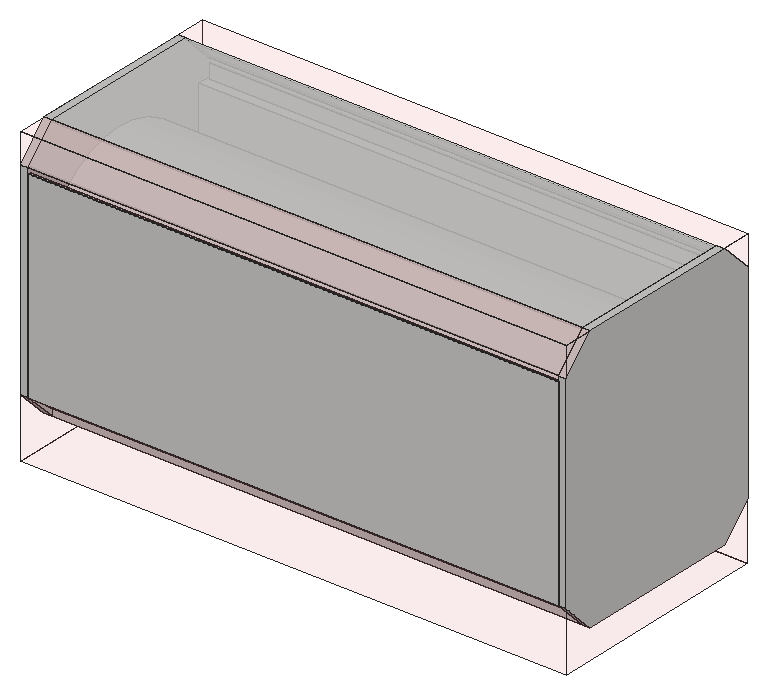
Revit family "Air-Curtain_Climate-Control_PoweredAire_ETD", category Mechanical Equipment, host Face, Revit 2023
Family settings
  Host = Face
  Round Connector Dimension = Use Diameter
  Part Type = Normal
  OmniClass Number = 23.75.35.17.21
  OmniClass Title = Air Curtains
  Cut with Voids When Loaded = No
  Maintain Annotation Orientation = No
  Shared = No
  Room Calculation Point = No
Parameters
  Warranty Duration (Years) = 0
  Unit Width Notes = "Other Widths available."  # constant formula
  Unit Width = 3' - 0"
  Unit Weight = 0
  Unit Height = 1' - 3"
  Unit Depth = 1' - 5 1/2"
  URL = "http://www.poweredaire.com/"
  Test Data = ""
  Temperature Rise_Range = "as Specified"
  Standards Conformance = "as Specified"
  Specification = "http://www.arcat.com/sdspecs/htm04/23_34_33pai.htm"
  SpecWizard = ""
  Sound Pressure = "as Specified"
  Sales Information = "http://www.poweredaire.com/contact_us"
  Revision = "R1_2016-08"
  Projection from Host [instance] = 0' - 2"
  Product Properties = ""
  Product Data = "http://www.arcat.com/arcatcos/cos47/arc47623.html"
  Power Rating = 0 W
  Outlet Volume_Range = "as Specified"
  Outlet Velocity_Range = "as Specified"
  Nozzle Width = if(1 = 1, Unit Width - 0' 1", 0' 0")  # 2' - 11"
  Mounting Width = if(1 = 1, Unit Width - 0' 0 15/16", 0' 0")  # 2' - 11 1/16"
  Mounting Height [instance] = 3' - 6"
  Motor RPM = 0
  Motor HP = 0
  Motor Count = 0
  Model = "As Specified"
  Max Height = 0' - 0"
  Manufacturer Website = "http://www.poweredaire.com/"
  Manufacturer Phone - Toll Free = "888-321-2473"
  Manufacturer Phone = "724-588-3305"
  Manufacturer Fax = "724-588-3371"
  Manufacturer Address = "109 Mortensen Rd.  Greenville, PA 16125"
  Manufacturer = "Powered Aire, Inc"
  Maintenance Schedule (Months) = 0
  Keynote = "23 34 33"
  Installation-Fabrication = ""
  Installation Phase = ""
  Include Clearance [instance] = yes
  Heating Element Load = 0 W
  HVAC_Temperature Rise [instance] = 0 °F
  HVAC_Outlet Volume [instance] = 0 CFM
  HVAC_Outlet Velocity Uniformity = 0
  HVAC_Outlet Velocity [instance] = 0 FPM
  Green Building-LEED = "http://www.arcat.com/green/clients/leed_data_47623.html"
  Front Grating Material [instance] = Metal - Steel - PoweredAire - Stainless 304 Perforated
  Frame Finish [instance] = Metal - Steel - PoweredAire - Stainless 304
  Expected Lifespan (Years) = 0
  Electrical_Wattage [instance] = Power Rating + Heating Element Load  # 0 W
  Electrical_Voltage [instance] = 0 V
  Electrical_Phase [instance] = 1
  Electrical_Frequency [instance] = 0 Hz
  Electrical_Amperage [instance] = 0 A
  Drawn By = "Sumex Design, Inc. / Robert S. Weygant, CSI, CDT, SCIP"
  Description = "Powered Aire Air Curtain as Specified"
  Default Elevation = 0' - 0"  # constant formula
  Copyright = "©Arcat Inc."
  Construction Details = "http://www.arcat.com/details/powair/prod3336.html"
  Clearance_Top [instance] = 0' - 0"
  Clearance_Side B [instance] = 0' - 0"
  Clearance_Side A [instance] = 0' - 0"
  Clearance_Intake [instance] = 0' - 0"
  Clearance_Bottom [instance] = 0' - 0"
  Clearance Material [instance] = ARCAT Clearance
  Building Codes = ""
  Available Options [instance] = "as Specified"
  Assembly Code = "D3090400"
Reference planes (in)
  plane 1 "Center (Elevation)": y = 0.13818
  plane 2: z = 0
  plane 3 "Center (Left/Right)": x = 0
  plane 4: y = 7.63818
  plane 5: y = -7.36182
  plane 6: x = -18
  plane 7: x = 18
  plane 8: z = 19.5
  plane 9 "FF": y = -41.86182
  plane 10: z = 2
  plane 11: x = 17.5
  plane 12: x = -17.5
  plane 13: y = 7.63818
  plane 14: y = -7.36182
  plane 15: x = -18
  plane 16: x = 18
  plane 17: z = 19.5
Forms (in)
  Extrusion 1, solid, material "Metal - Steel - PoweredAire - Stainless 304" <- "Frame Finish"
    sketch origin (0, 0, 0) x (0, 1, 0) y (0, 0, 1)
      loop
        line (5.69363, 2) -> (7.63818, 3.94454) -> (7.63818, 17.55546) -> (5.69363, 19.5) -> (-5.41728, 19.5) -> (-7.36182, 17.55546) -> (-7.36182, 3.94454) -> (-5.41728, 2) -> (5.69363, 2)
    from 17.5 to 18
  Extrusion 2, solid, material "Metal - Steel - PoweredAire - Stainless 304" <- "Frame Finish"
    sketch origin (0, 0, -0.5) x (0, 1, 0) y (0, 0, 1)
      loop
        circle (0.13818, 10.9739) r 6.25
      loop
        line (6.63818, 16.89427) -> (6.63818, 5.87829) -> (7.33849, 5.87829) -> (7.33849, 16.89427) -> (6.63818, 16.89427)
      loop
        line (-7.02798, 16.76927) -> (-7.02798, 5.75329) -> (-6.36182, 5.75329) -> (-6.36182, 16.76927) -> (-7.02798, 16.76927)
    from -17.5 to 17.5
  Extrusion 3, solid, material "Metal - Steel - PoweredAire - Stainless 304" <- "Frame Finish"
    sketch origin (0, 0, 0) x (0, 1, 0) y (0, 0, -1)
      loop
        line (5.69363, -2) -> (-5.41728, -2) -> (-7.36182, -3.94454) -> (-7.36182, -17.55546) -> (-5.41728, -19.5) -> (5.69363, -19.5) -> (7.63818, -17.55546) -> (7.63818, -3.94454) -> (5.69363, -2)
    from 17.5 to 18
  Extrusion 4, solid, material "Metal - Steel - PoweredAire - Stainless 304" <- "Frame Finish"
    sketch origin (0, 0, 0) x (0, 1, 0) y (0, 0, 1)
      loop
        line (-5.41728, 2) -> (5.69363, 2) -> (7.63818, 3.94454) -> (7.63818, 17.19454) -> (7.51318, 17.19454) -> (7.51318, 3.99632) -> (5.64186, 2.125) -> (-5.29228, 2.125) -> (-5.29228, 4.06954) -> (-7.23682, 4.06954) -> (-7.23682, 17.19454) -> (-7.36182, 17.19454) -> (-7.36182, 3.94454) -> (-5.41728, 3.94454) -> (-5.41728, 2)
      loop
        line (-6.64819, 3.61034) -> (-5.8702, 2.83235) -> (-5.74472, 2.95783) -> (-6.52271, 3.73583) -> (-6.64819, 3.61034)
    from -17.5 to 17.5
  Extrusion 5, solid, material "Metal - Steel - PoweredAire - Stainless 304 Perforated" <- "Front Grating Material"
    sketch origin (0, 0, 0) x (0, 1, 0) y (0, 0, 1)
      loop
        line (-7.36182, 17.19454) -> (-7.23682, 17.19454) -> (-7.23682, 17.50368) -> (-5.3655, 19.375) -> (5.64186, 19.375) -> (7.51318, 17.50368) -> (7.51318, 17.19454) -> (7.63818, 17.19454) -> (7.63818, 17.55546) -> (5.69363, 19.5) -> (-5.41728, 19.5) -> (-7.36182, 17.55546) -> (-7.36182, 17.19454)
    from -17.5 to 17.5
  Extrusion 6, solid, material "ARCAT Clearance" <- "Clearance Material", visible <- "Include Clearance"
    sketch origin (0, 0, 0) x (0, 1, 0) y (0, 0, 1)
      loop
        line (-7.36182, 19.5) -> (-7.36182, 0) -> (7.63818, 0) -> (7.63818, 19.5) -> (-7.36182, 19.5)
    from -18 to 18
Dimensions and locks (in)
  equal spacing: plane 4, plane 1 "Center (Elevation)", plane 5
  "Unit Height": plane 4 to plane 5
  equal spacing: plane 6, plane 3 "Center (Left/Right)", plane 7
  "Unit Width": plane 6 to plane 7
  "Mounting Height": plane 1 "Center (Elevation)" to plane 9 "FF"
  "Projection from Host": plane 10 to level
  "Unit Depth": plane 8 to plane 10
  locked: plane 6 to plane 12 at 0.5
  locked: plane 11 to plane 7 at 0.5
  "Clearance_Side A": plane 7 to plane 16
  "Clearance_Side B": plane 15 to plane 6
  "Clearance_Top": plane 13 to plane 4
  "Clearance_Bottom": plane 5 to plane 14
  "Clearance_Intake": plane 17 to plane 8
  aligned and locked: plane 2 to host face
  aligned and locked: level to host face
  aligned and locked: plane 7 to Extrusion 1
  aligned and locked: Extrusion 1 to plane 11
  aligned and locked: plane 12 to Extrusion 3
  aligned and locked: Extrusion 3 to plane 6
  aligned and locked: Extrusion 2 to plane 12
  aligned and locked: plane 11 to Extrusion 2
  aligned and locked: plane 11 to Extrusion 4
  aligned and locked: Extrusion 4 to plane 12
  aligned and locked: plane 11 to Extrusion 5
  aligned and locked: Extrusion 5 to plane 12
  aligned and locked: Extrusion 6 sketch curve to plane 17
  aligned and locked: plane 14 to Extrusion 6 sketch curve
  aligned and locked: level to Extrusion 6 sketch curve
  aligned and locked: Extrusion 6 sketch curve to plane 13
  aligned and locked: plane 16 to Extrusion 6
  aligned and locked: Extrusion 6 to plane 15
Automatic sketch dimensions
  host sketch curve to host sketch curve = 8' - 0"  (x2)
  Extrusion 1 sketch curve to plane 5 = 0' - 0"
  Extrusion 1 sketch curve to plane 8 = 0' - 0"
  Extrusion 1 sketch curve to plane 10 = 0' - 0"
  Extrusion 1 sketch curve to plane 4 = 0' - 0"
  plane 5 to Extrusion 1 sketch curve = 0' - 1.94454"  (x2)
  Extrusion 1 sketch curve to plane 4 = 0' - 1.94454"  (x2)
  plane 10 to Extrusion 1 sketch curve = 0' - 1.94454"  (x2)
  Extrusion 1 sketch curve to plane 8 = 0' - 1.94454"  (x2)
  Extrusion 2 sketch curve to plane 1 "Center (Elevation)" = 0' - 0"
  plane 5 to Extrusion 2 sketch curve = 0' - 1"
  plane 5 to Extrusion 2 sketch curve = 0' - 0.33384"
  Extrusion 2 sketch curve to plane 4 = 0' - 1"
  Extrusion 2 sketch curve to plane 4 = 0' - 0.29969"
  plane 10 to Extrusion 2 sketch curve = 0' - 3.37829"
  plane 10 to Extrusion 2 sketch curve = 0' - 3.25329"
  Extrusion 2 sketch curve to plane 8 = 0' - 9.0261"
  Extrusion 2 sketch curve to plane 8 = 0' - 3.23073"
  Extrusion 2 sketch curve to plane 8 = 0' - 3.10573"
  Extrusion 3 sketch curve to plane 5 = 0' - 0"
  Extrusion 3 sketch curve to plane 8 = 0' - 0"
  Extrusion 3 sketch curve to plane 10 = 0' - 0"
  Extrusion 3 sketch curve to plane 4 = 0' - 0"
  plane 5 to Extrusion 3 sketch curve = 0' - 1.94454"  (x2)
  Extrusion 3 sketch curve to plane 4 = 0' - 1.94454"  (x2)
  Extrusion 3 sketch curve to plane 8 = 0' - 1.94454"  (x2)
  plane 10 to Extrusion 3 sketch curve = 0' - 1.94454"  (x2)
  Extrusion 4 sketch curve to plane 5 = 0' - 0"
  Extrusion 4 sketch curve to plane 10 = 0' - 0"
  Extrusion 4 sketch curve to plane 4 = 0' - 0"
  plane 5 to Extrusion 4 sketch curve = 0' - 0 1/8"
  plane 5 to Extrusion 4 sketch curve = 0' - 0.71363"
  Extrusion 4 sketch curve to Extrusion 4 sketch curve = 0' - 0.12548"  (x2)
  Extrusion 4 sketch curve to Extrusion 4 sketch curve = 0' - 0.778"
  Extrusion 4 sketch curve to Extrusion 4 sketch curve = 0' - 0.32744"
  Extrusion 4 sketch curve to Extrusion 4 sketch curve = 0' - 0 1/8"  (x2)
  plane 10 to Extrusion 4 sketch curve = 0' - 0 1/8"
  Extrusion 4 sketch curve to plane 4 = 0' - 1.99632"
  Extrusion 4 sketch curve to Extrusion 4 sketch curve = 0' - 0.05178"  (x2)
  plane 10 to Extrusion 4 sketch curve = 0' - 0.83235"
  plane 10 to Extrusion 4 sketch curve = 0' - 1.94454"
  Extrusion 4 sketch curve to Extrusion 4 sketch curve = 0' - 0.3342"
  Extrusion 4 sketch curve to plane 4 = 0' - 0 1/8"
  Extrusion 4 sketch curve to plane 8 = 0' - 2.30546"  (x2)
  Extrusion 5 sketch curve to plane 5 = 0' - 0"
  Extrusion 5 sketch curve to plane 8 = 0' - 0"
  Extrusion 5 sketch curve to plane 4 = 0' - 0"
  plane 5 to Extrusion 5 sketch curve = 0' - 0 1/8"
  plane 5 to Extrusion 5 sketch curve = 0' - 1.94454"
  Extrusion 5 sketch curve to plane 8 = 0' - 0 1/8"
  Extrusion 5 sketch curve to Extrusion 5 sketch curve = 0' - 0.05178"  (x4)
  Extrusion 5 sketch curve to plane 4 = 0' - 1.99632"
  Extrusion 5 sketch curve to plane 8 = 0' - 1.94454"  (x2)
  Extrusion 5 sketch curve to Extrusion 5 sketch curve = 0' - 0 1/8"
  Extrusion 5 sketch curve to Extrusion 5 sketch curve = 0' - 0.30914"  (x2)
  radius of Extrusion 2 sketch curve = 0' - 6 1/4"
Connectors (in)
  electrical at (0, 7.63818, 10.56954), driven by "Electrical_Phase", driven by "Electrical_Voltage"
    settings: on Extrusion 4, index 1, voltage 0 V, apparent load 0 VA, apparent load phase1 0 VA, apparent load phase2 0 VA, apparent load phase3 0 VA, power factor 1, load classification "Motor", number of poles 1, system type 31, power factor state 1, is connector primary yes, connector utility no, sub classification motor no, connector description ""
